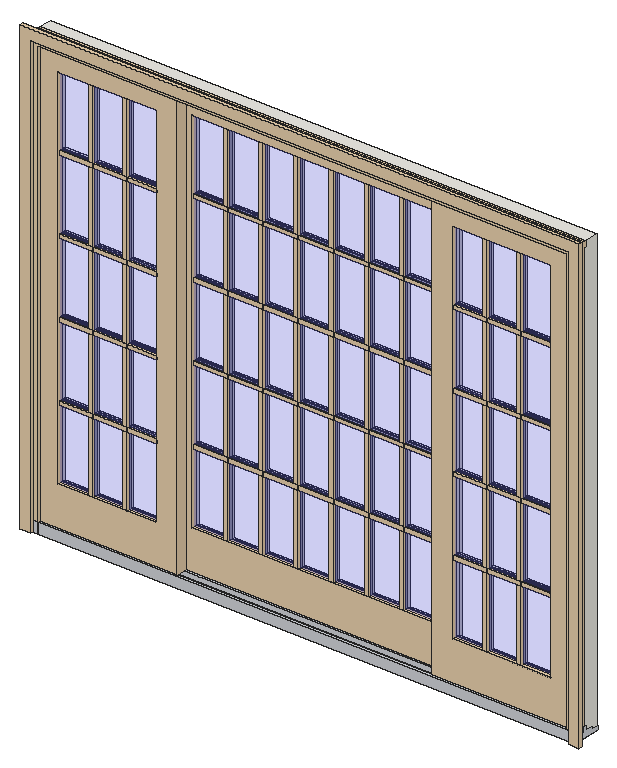
Revit family "Door-Gliding-Andersen-A_Series-Triple 3", category Doors, host Wall, Revit 2013 (continued)
Dimensions and locks (in)
  equal spacing: plane 49 "R Glazing1", nested 5, plane 63 "R Glazing2"
  "VGB DLO for Triple": plane 61 "R Glazing3" to nested 8
  plane 62 "L Glazing3" to plane 61 "R Glazing3" = 4' - 4"
  locked: plane 72 "R Slide Arrow" to plane 48 "L Glazing1" at 8
  locked: plane 49 "R Glazing1" to plane 71 "L Slide Arrow" at 8
  equal spacing: group 35, group 37, group 36, group 34  (x2)
  equal spacing: group 34, group 36, group 37, group 35
  "TS HGB DLO": plane 70 "Vertical Bar Length" to nested 24
  locked: Extrusion 23 sketch curve to plane 57 "T Stop" at 0.125
  locked: plane 50 "Panel2 S1" to Extrusion 23 sketch curve at 0.125
  aligned and locked: plane 6 "Wall S1" to host wall
  aligned and locked: plane 7 "Wall S2" to host wall
  aligned and locked: plane 5 "T Frame" to Extrusion 1 sketch curve
  aligned and locked: plane 4 "L Frame" to Extrusion 1 sketch curve
  aligned and locked: Extrusion 1 sketch curve to plane 3 "R Frame"
  aligned and locked: level to Extrusion 1 sketch curve
  aligned and locked: host wall to Extrusion 1
  aligned and locked: plane 10 "Flange" to Extrusion 1
  aligned and locked: level to Extrusion 2 sketch curve
  aligned and locked: level to Sweep 3 sketch curve  (x2)
  aligned and locked: plane 22 "L Casing 4" to Sweep 3 sketch curve  (x2)
  aligned and locked: plane 31 "T Casing 4" to Sweep 3 sketch curve
  aligned and locked: Sweep 3 sketch curve to plane 19 "R Casing 4"
  aligned and locked: plane 23 "L Casing 3" to Sweep 3 sketch curve
  aligned and locked: plane 12 "Casing S2" to Sweep 3 sketch curve
  aligned and locked: plane 24 "L Casing 2" to Sweep 3 sketch curve
  aligned and locked: Sweep 3 sketch curve to plane 13 "Casing S1"
  aligned and locked: plane 10 "Flange" to Sweep 3 sketch curve
  aligned and locked: Sweep 3 sketch curve to plane 25 "L Casing 1"
  aligned and locked: Sweep 3 sketch curve to plane 12 "Casing S2"
  aligned and locked: level to Extrusion 4 sketch curve  (x2)
  aligned and locked: plane 22 "L Casing 4" to Extrusion 4 sketch curve
  aligned and locked: Extrusion 4 sketch curve to plane 25 "L Casing 1"
  aligned and locked: plane 31 "T Casing 4" to Extrusion 4 sketch curve
  aligned and locked: Extrusion 4 sketch curve to plane 28 "T Casing 1"
  aligned and locked: Extrusion 4 sketch curve to plane 19 "R Casing 4"
  aligned and locked: plane 16 "R Casing 1" to Extrusion 4 sketch curve
  aligned and locked: Extrusion 4 to plane 10 "Flange"
  aligned and locked: plane 12 "Casing S2" to Sweep 3
  aligned and locked: plane 28 "T Casing 1" to curve 3
  aligned and locked: plane 5 "T Frame" to Masking region 1 sketch curve
  aligned and locked: Masking region 1 sketch curve to plane 10 "Flange"
  aligned and locked: Masking region 1 sketch curve to plane 31 "T Casing 4"
  aligned and locked: plane 13 "Casing S1" to Masking region 1 sketch curve
  aligned and locked: Masking region 1 sketch curve to plane 11 "Frame S1"
  aligned and locked: plane 11 "Frame S1" to curve 4
  aligned and locked: Masking region 2 sketch curve to plane 3 "R Frame"
  aligned and locked: plane 4 "L Frame" to Masking region 2 sketch curve
  aligned and locked: plane 5 "T Frame" to Masking region 3 sketch curve
  aligned and locked: plane 9 "Frame S2" to Masking region 3 sketch curve
  aligned and locked: Masking region 3 sketch curve to plane 11 "Frame S1"
  aligned and locked: level to Masking region 3 sketch curve
  aligned and locked: plane 13 "Casing S1" to Masking region 4 sketch curve
  aligned and locked: plane 18 "R Casing 3" to Masking region 4 sketch curve
  aligned and locked: Masking region 4 sketch curve to plane 19 "R Casing 4"
  aligned and locked: plane 16 "R Casing 1" to Masking region 4 sketch curve
  aligned and locked: plane 11 "Frame S1" to Masking region 4 sketch curve
  aligned and locked: plane 3 "R Frame" to Masking region 4 sketch curve
  aligned and locked: Masking region 4 sketch curve to plane 12 "Casing S2"
  aligned and locked: plane 17 "R Casing 2" to Masking region 4 sketch curve
  aligned and locked: Masking region 4 sketch curve to plane 13 "Casing S1"
  aligned and locked: plane 24 "L Casing 2" to Masking region 5 sketch curve
  aligned and locked: plane 13 "Casing S1" to Masking region 5 sketch curve  (x2)
  aligned and locked: Masking region 5 sketch curve to plane 22 "L Casing 4"
  aligned and locked: plane 4 "L Frame" to Masking region 5 sketch curve
  aligned and locked: Masking region 5 sketch curve to plane 11 "Frame S1"
  aligned and locked: plane 25 "L Casing 1" to Masking region 5 sketch curve
  aligned and locked: plane 12 "Casing S2" to Masking region 5 sketch curve
  aligned and locked: plane 23 "L Casing 3" to Masking region 5 sketch curve
  aligned and locked: Masking region 6 sketch curve to plane 13 "Casing S1"
  aligned and locked: Masking region 6 sketch curve to plane 19 "R Casing 4"
  aligned and locked: plane 10 "Flange" to Masking region 6 sketch curve
  aligned and locked: plane 3 "R Frame" to Masking region 6 sketch curve
  aligned and locked: Masking region 7 sketch curve to plane 13 "Casing S1"
  aligned and locked: Masking region 7 sketch curve to plane 4 "L Frame"
  aligned and locked: plane 10 "Flange" to Masking region 7 sketch curve
  aligned and locked: plane 22 "L Casing 4" to Masking region 7 sketch curve
  aligned and locked: curve 4 to plane 5 "T Frame"
  aligned and locked: level to Extrusion 5 sketch curve  (x2)
  aligned and locked: Extrusion 5 sketch curve to plane 33 "R Int Casing"
  aligned and locked: plane 35 "R Xjamb 1" to Extrusion 5 sketch curve
  aligned and locked: plane 39 "T Int Casing" to Extrusion 5 sketch curve
  aligned and locked: Extrusion 5 sketch curve to plane 41 "T Xjamb 1"
  aligned and locked: plane 36 "L Int Casing" to Extrusion 5 sketch curve
  aligned and locked: Extrusion 5 sketch curve to plane 38 "L Xjamb 1"
  aligned and locked: Extrusion 5 to host wall
  aligned and locked: Extrusion 5 to plane 8 "Interior Casing"
  aligned and locked: level to Extrusion 6 sketch curve  (x2)
  aligned and locked: plane 35 "R Xjamb 1" to Extrusion 6 sketch curve
  aligned and locked: Extrusion 6 sketch curve to plane 34 "R Xjamb 2"
  aligned and locked: Extrusion 6 sketch curve to plane 41 "T Xjamb 1"
  aligned and locked: plane 40 "T Xjamb 2" to Extrusion 6 sketch curve
  aligned and locked: Extrusion 6 sketch curve to plane 38 "L Xjamb 1"
  aligned and locked: plane 37 "L Xjamb 2" to Extrusion 6 sketch curve
  aligned and locked: plane 52 "Xjamb S1" to Extrusion 6
  aligned and locked: host wall to Extrusion 6
  aligned and locked: plane 10 "Flange" to Masking region 4 sketch curve
  aligned and locked: Masking region 5 sketch curve to plane 10 "Flange"
  aligned and locked: plane 4 "L Frame" to Sweep 7 sketch curve
  aligned and locked: plane 3 "R Frame" to Sweep 7 sketch curve
  aligned and locked: Sweep 7 sketch curve to level
  aligned and locked: Masking region 8 sketch curve to plane 19 "R Casing 4"
  aligned and locked: plane 22 "L Casing 4" to Masking region 8 sketch curve
  aligned and locked: level to Masking region 8 sketch curve  (x2)
  aligned and locked: level to Masking region 9 sketch curve  (x2)
  aligned and locked: plane 36 "L Int Casing" to Masking region 9 sketch curve
  aligned and locked: Masking region 9 sketch curve to plane 33 "R Int Casing"
  aligned and locked: plane 39 "T Int Casing" to Masking region 9 sketch curve
  aligned and locked: plane 31 "T Casing 4" to Masking region 8 sketch curve
  aligned and locked: plane 12 "Casing S2" to curve 2
  aligned and locked: Sweep 3 to plane 10 "Flange"
  aligned and locked: plane 5 "T Frame" to curve 6
  aligned and locked: Masking region 9 sketch curve to plane 38 "L Xjamb 1"
  aligned and locked: plane 35 "R Xjamb 1" to Masking region 9 sketch curve
  aligned and locked: Masking region 9 sketch curve to plane 41 "T Xjamb 1"
  aligned and locked: plane 4 "L Frame" to Masking region 10 sketch curve
  aligned and locked: plane 5 "T Frame" to Masking region 10 sketch curve
  aligned and locked: Masking region 10 sketch curve to plane 3 "R Frame"
  aligned and locked: level to Masking region 10 sketch curve
  aligned and locked: Masking region 10 sketch curve to plane 45 "B Panel"
  aligned and locked: plane 55 "L Int Stop" to Masking region 10 sketch curve
  aligned and locked: Masking region 10 sketch curve to plane 56 "R Int Stop"
  aligned and locked: plane 57 "T Stop" to Masking region 10 sketch curve
  aligned and locked: Masking region 11 sketch curve to plane 45 "B Panel"  (x2)
  aligned and locked: plane 44 "T Panel" to Masking region 11 sketch curve  (x2)
  aligned and locked: plane 60 "Panel1 S2" to curve 15
  aligned and locked: curve 14 to plane 45 "B Panel"
  aligned and locked: curve 13 to plane 59 "Panel1 S1"
  aligned and locked: plane 44 "T Panel" to curve 12
  aligned and locked: curve 17 to plane 50 "Panel2 S1"
  aligned and locked: curve 18 to plane 45 "B Panel"
  aligned and locked: plane 51 "Panel2 S2" to curve 19
  aligned and locked: plane 44 "T Panel" to curve 16
  aligned and locked: Masking region 12 sketch curve to plane 33 "R Int Casing"
  aligned and locked: host wall to Masking region 12 sketch curve
  aligned and locked: plane 35 "R Xjamb 1" to Masking region 12 sketch curve
  aligned and locked: plane 8 "Interior Casing" to Masking region 12 sketch curve
  aligned and locked: Masking region 13 sketch curve to plane 52 "Xjamb S1"
  aligned and locked: Masking region 13 sketch curve to host wall
  aligned and locked: Masking region 13 sketch curve to plane 34 "R Xjamb 2"
  aligned and locked: plane 35 "R Xjamb 1" to Masking region 13 sketch curve
  aligned and locked: host wall to Masking region 14 sketch curve
  aligned and locked: plane 36 "L Int Casing" to Masking region 14 sketch curve
  aligned and locked: plane 8 "Interior Casing" to Masking region 14 sketch curve
  aligned and locked: Masking region 14 sketch curve to plane 38 "L Xjamb 1"
  aligned and locked: Masking region 15 sketch curve to plane 38 "L Xjamb 1"
  aligned and locked: Masking region 15 sketch curve to host wall
  aligned and locked: plane 37 "L Xjamb 2" to Masking region 15 sketch curve
  aligned and locked: Masking region 15 sketch curve to plane 52 "Xjamb S1"
  aligned and locked: plane 7 "Wall S2" to Masking region 16 sketch curve
  aligned and locked: level to Masking region 16 sketch curve
  aligned and locked: plane 8 "Interior Casing" to Masking region 16 sketch curve
  aligned and locked: plane 39 "T Int Casing" to Masking region 16 sketch curve
  aligned and locked: plane 8 "Interior Casing" to curve 34
  aligned and locked: plane 41 "T Xjamb 1" to curve 34
  aligned and locked: Masking region 17 sketch curve to plane 52 "Xjamb S1"
  aligned and locked: level to Masking region 17 sketch curve
  aligned and locked: Masking region 17 sketch curve to host wall
  aligned and locked: plane 40 "T Xjamb 2" to Masking region 17 sketch curve
  aligned and locked: plane 52 "Xjamb S1" to curve 35
  aligned and locked: host wall to curve 35
  aligned and locked: plane 41 "T Xjamb 1" to curve 35
  aligned and locked: plane 42 "L Panel1" to curve 5
  aligned and locked: curve 36 to plane 69 "Panel Elevation Center"
  aligned and locked: plane 71 "L Slide Arrow" to curve 38
  aligned and locked: plane 69 "Panel Elevation Center" to curve 113
  aligned and locked: curve 115 to plane 72 "R Slide Arrow"
  aligned and locked: plane 30 "T Casing 3" to curve 1
  aligned and locked: plane 13 "Casing S1" to curve 1
  aligned and locked: plane 13 "Casing S1" to curve 4
  aligned and locked: plane 13 "Casing S1" to curve 116
  aligned and locked: plane 10 "Flange" to curve 116
  aligned and locked: plane 31 "T Casing 4" to curve 116
  aligned and locked: plane 9 "Frame S2" to curve 117
  aligned and locked: plane 4 "L Frame" to Masking region 8 sketch curve
  aligned and locked: plane 5 "T Frame" to Masking region 8 sketch curve
  aligned and locked: Masking region 8 sketch curve to plane 3 "R Frame"
  aligned and locked: plane 9 "Frame S2" to Masking region 2 sketch curve
  aligned and locked: plane 4 "L Frame" to Extrusion 8 sketch curve
  aligned and locked: plane 9 "Frame S2" to Extrusion 8 sketch curve  (x2)
  aligned and locked: Extrusion 8 sketch curve to plane 3 "R Frame"
  aligned and locked: Extrusion 8 to plane 5 "T Frame"
  aligned and locked: Extrusion 8 to level
  aligned and locked: plane 63 "R Glazing2" to curve 158
  aligned and locked: plane 48 "L Glazing1" to curve 11
  aligned and locked: plane 48 "L Glazing1" to curve 9
  aligned and locked: plane 48 "L Glazing1" to curve 8
  aligned and locked: plane 48 "L Glazing1" to curve 10
  aligned and locked: plane 64 "L Glazing2" to curve 11
  aligned and locked: plane 64 "L Glazing2" to curve 9
  aligned and locked: plane 64 "L Glazing2" to curve 8
  aligned and locked: plane 64 "L Glazing2" to curve 10
  aligned and locked: plane 61 "R Glazing3" to curve 82
  aligned and locked: plane 61 "R Glazing3" to curve 84
  aligned and locked: plane 61 "R Glazing3" to curve 83
  aligned and locked: plane 61 "R Glazing3" to curve 81
  aligned and locked: plane 63 "R Glazing2" to curve 98
  aligned and locked: plane 63 "R Glazing2" to curve 100
  aligned and locked: plane 63 "R Glazing2" to curve 99
  aligned and locked: plane 63 "R Glazing2" to curve 97
  aligned and locked: plane 49 "R Glazing1" to curve 98
  aligned and locked: plane 49 "R Glazing1" to curve 100
  aligned and locked: plane 49 "R Glazing1" to curve 99
  aligned and locked: plane 49 "R Glazing1" to curve 97
  aligned and locked: plane 44 "T Panel" to Extrusion 9 sketch curve
  aligned and locked: Extrusion 9 sketch curve to plane 45 "B Panel"
  aligned and locked: plane 47 "T Glazing" to Extrusion 9 sketch curve
  aligned and locked: Extrusion 9 to plane 60 "Panel1 S2"
  aligned and locked: plane 68 "Panel 1 Glazing 1" to Extrusion 9
  aligned and locked: plane 44 "T Panel" to Extrusion 10 sketch curve
  aligned and locked: Extrusion 10 sketch curve to plane 45 "B Panel"
  aligned and locked: plane 47 "T Glazing" to Extrusion 10 sketch curve
  aligned and locked: Extrusion 10 to plane 68 "Panel 1 Glazing 1"
  aligned and locked: plane 59 "Panel1 S1" to Extrusion 10
  aligned and locked: Extrusion 10 sketch curve to plane 46 "B Glazing"
  aligned and locked: Extrusion 9 sketch curve to plane 46 "B Glazing"
  aligned and locked: plane 44 "T Panel" to Extrusion 11 sketch curve  (x2)
  aligned and locked: Extrusion 11 sketch curve to plane 45 "B Panel"  (x2)
  aligned and locked: Extrusion 11 sketch curve to plane 46 "B Glazing"  (x2)
  aligned and locked: plane 47 "T Glazing" to Extrusion 11 sketch curve  (x2)
  aligned and locked: Extrusion 11 to plane 51 "Panel2 S2"
  aligned and locked: plane 66 "Panel2 Glazing 1" to Extrusion 11
  aligned and locked: Extrusion 12 sketch curve to plane 45 "B Panel"  (x2)
  aligned and locked: plane 44 "T Panel" to Extrusion 12 sketch curve  (x2)
  aligned and locked: plane 47 "T Glazing" to Extrusion 12 sketch curve  (x2)
  aligned and locked: Extrusion 12 sketch curve to plane 46 "B Glazing"  (x2)
  aligned and locked: Extrusion 12 to plane 66 "Panel2 Glazing 1"
  aligned and locked: plane 50 "Panel2 S1" to Extrusion 12
  aligned and locked: plane 47 "T Glazing" to Extrusion 13 sketch curve  (x2)
  aligned and locked: Extrusion 13 sketch curve to plane 46 "B Glazing"  (x2)
  aligned and locked: Extrusion 13 to plane 65 "Panel2 Glazing 4"
  aligned and locked: plane 66 "Panel2 Glazing 1" to Extrusion 13
  aligned and locked: Extrusion 14 sketch curve to plane 46 "B Glazing"
  aligned and locked: plane 47 "T Glazing" to Extrusion 14 sketch curve
  aligned and locked: Extrusion 14 to plane 67 "Panel1 Glazing 4"
  aligned and locked: plane 68 "Panel 1 Glazing 1" to Extrusion 14
  aligned and locked: curve 162 to plane 46 "B Glazing"
  aligned and locked: plane 47 "T Glazing" to curve 160
  aligned and locked: plane 47 "T Glazing" to curve 164
  aligned and locked: curve 166 to plane 46 "B Glazing"
  aligned and locked: curve 170 to plane 46 "B Glazing"
  aligned and locked: plane 47 "T Glazing" to curve 168
  aligned and locked: plane 44 "T Panel" to Masking region 18 sketch curve
  aligned and locked: Masking region 18 sketch curve to plane 45 "B Panel"
  aligned and locked: nested 1 to plane 47 "T Glazing"
  aligned and locked: nested 3 to plane 47 "T Glazing"
  aligned and locked: nested 6 to plane 47 "T Glazing"
  aligned and locked: nested 4 to plane 47 "T Glazing"
  aligned and locked: nested 5 to plane 47 "T Glazing"
  aligned and locked: nested 7 to plane 47 "T Glazing"
  aligned and locked: nested 2 to plane 47 "T Glazing"
  aligned and locked: nested 8 to plane 47 "T Glazing"
  aligned and locked: plane 5 "T Frame" to curve 179
  aligned and locked: plane 10 "Flange" to curve 179
  aligned and locked: plane 47 "T Glazing" to curve 41
  aligned and locked: curve 24 to plane 68 "Panel 1 Glazing 1"
  aligned and locked: plane 47 "T Glazing" to curve 56
  aligned and locked: curve 51 to plane 66 "Panel2 Glazing 1"
  aligned and locked: plane 70 "Vertical Bar Length" to curve 50
  aligned and locked: plane 68 "Panel 1 Glazing 1" to curve 45
  aligned and locked: plane 70 "Vertical Bar Length" to curve 62
  aligned and locked: plane 66 "Panel2 Glazing 1" to curve 57
  aligned and locked: plane 47 "T Glazing" to curve 20
  aligned and locked: plane 47 "T Glazing" to curve 30
  aligned and locked: plane 47 "T Glazing" to curve 31
  aligned and locked: plane 47 "T Glazing" to curve 21
  aligned and locked: plane 70 "Vertical Bar Length" to curve 20
  aligned and locked: plane 70 "Vertical Bar Length" to curve 30
  aligned and locked: plane 70 "Vertical Bar Length" to curve 31
  aligned and locked: plane 70 "Vertical Bar Length" to curve 21
  aligned and locked: plane 47 "T Glazing" to curve 22
  aligned and locked: plane 47 "T Glazing" to curve 32
  aligned and locked: plane 47 "T Glazing" to curve 33
  aligned and locked: plane 47 "T Glazing" to curve 23
  aligned and locked: plane 70 "Vertical Bar Length" to curve 22
  aligned and locked: plane 70 "Vertical Bar Length" to curve 32
  aligned and locked: plane 70 "Vertical Bar Length" to curve 33
  aligned and locked: plane 70 "Vertical Bar Length" to curve 23
  aligned and locked: curve 20 to plane 68 "Panel 1 Glazing 1"
  aligned and locked: curve 30 to plane 73 "Panel1 Glazing2"
  aligned and locked: plane 67 "Panel1 Glazing 4" to curve 21
  aligned and locked: plane 76 "Panel1 Glazing3" to curve 31
  aligned and locked: plane 65 "Panel2 Glazing 4" to curve 23
  aligned and locked: plane 75 "Panel2 Glazing3" to curve 33
  aligned and locked: curve 22 to plane 66 "Panel2 Glazing 1"
  aligned and locked: curve 32 to plane 74 "Panel2 Glazing 2"
  aligned and locked: level to curve 212
  aligned and locked: plane 9 "Frame S2" to curve 212
  aligned and locked: plane 9 "Frame S2" to Sweep 7 sketch curve
  aligned and locked: Sweep 7 sketch curve to plane 51 "Panel2 S2"
  aligned and locked: Sweep 7 sketch curve to plane 50 "Panel2 S1"
  aligned and locked: Sweep 7 sketch curve to plane 60 "Panel1 S2"
  aligned and locked: curve 209 to Sweep 7 sketch curve
  aligned and locked: Sweep 7 sketch curve to plane 59 "Panel1 S1"
  aligned and locked: Sweep 7 sketch curve to curve 202
  aligned and locked: Sweep 7 sketch curve to curve 203
  aligned and locked: curve 213 to Sweep 7 sketch curve
  aligned and locked: Masking region 3 sketch curve to Sweep 7
  aligned and locked: Sweep 7 to Masking region 3 sketch curve
  aligned and locked: Extrusion 15 sketch curve to plane 59 "Panel1 S1"
  aligned and locked: plane 45 "B Panel" to Extrusion 15 sketch curve
  aligned and locked: plane 60 "Panel1 S2" to Extrusion 15 sketch curve
  aligned and locked: Extrusion 15 sketch curve to Sweep 7
  aligned and locked: Extrusion 16 sketch curve to plane 57 "T Stop"
  aligned and locked: plane 9 "Frame S2" to Extrusion 16 sketch curve
  aligned and locked: plane 5 "T Frame" to Extrusion 16 sketch curve
  aligned and locked: Extrusion 16 sketch curve to plane 51 "Panel2 S2"
  aligned and locked: Extrusion 16 sketch curve to plane 44 "T Panel"
  aligned and locked: Extrusion 16 to plane 4 "L Frame"
  aligned and locked: plane 3 "R Frame" to Extrusion 16
  aligned and locked: level to Sweep 17 sketch curve  (x2)
  aligned and locked: plane 4 "L Frame" to Sweep 17 sketch curve
  aligned and locked: plane 5 "T Frame" to Sweep 17 sketch curve
  aligned and locked: Sweep 17 sketch curve to plane 3 "R Frame"
  aligned and locked: Sweep 17 sketch curve to plane 4 "L Frame"
  aligned and locked: plane 11 "Frame S1" to Sweep 17 sketch curve
  aligned and locked: plane 38 "L Xjamb 1" to Sweep 17 sketch curve
  aligned and locked: Sweep 17 sketch curve to plane 59 "Panel1 S1"
  aligned and locked: plane 78 "L Ext Stop" to Sweep 17 sketch curve
  aligned and locked: plane 42 "L Panel1" to Sweep 17 sketch curve
  aligned and locked: plane 13 "Casing S1" to Extrusion 4
  aligned and locked: Masking region 1 sketch curve to level
  aligned and locked: plane 4 "L Frame" to Extrusion 18 sketch curve
  aligned and locked: plane 45 "B Panel" to Extrusion 18 sketch curve
  aligned and locked: level to Extrusion 18 sketch curve
  aligned and locked: Extrusion 18 sketch curve to plane 3 "R Frame"
  aligned and locked: Extrusion 18 to plane 9 "Frame S2"
  aligned and locked: plane 11 "Frame S1" to Extrusion 18
  aligned and locked: Extrusion 19 sketch curve to plane 42 "L Panel1"
  aligned and locked: level to Extrusion 19 sketch curve  (x2)
  aligned and locked: plane 4 "L Frame" to Extrusion 19 sketch curve
  aligned and locked: Extrusion 19 sketch curve to plane 44 "T Panel"
  aligned and locked: plane 5 "T Frame" to Extrusion 19 sketch curve
  aligned and locked: plane 43 "R Panel1" to Extrusion 19 sketch curve
  aligned and locked: Extrusion 19 sketch curve to plane 3 "R Frame"
  aligned and locked: Extrusion 19 to plane 9 "Frame S2"
  aligned and locked: plane 60 "Panel1 S2" to Extrusion 19
  aligned and locked: plane 42 "L Panel1" to Extrusion 20 sketch curve
  aligned and locked: Extrusion 20 sketch curve to level  (x2)
  aligned and locked: Extrusion 20 sketch curve to plane 4 "L Frame"
  aligned and locked: plane 44 "T Panel" to Extrusion 20 sketch curve
  aligned and locked: Extrusion 20 sketch curve to plane 5 "T Frame"
  aligned and locked: Extrusion 20 sketch curve to plane 43 "R Panel1"
  aligned and locked: plane 3 "R Frame" to Extrusion 20 sketch curve
  aligned and locked: Extrusion 20 to plane 60 "Panel1 S2"
  aligned and locked: plane 11 "Frame S1" to Extrusion 20
  aligned and locked: plane 55 "L Int Stop" to Masking region 19 sketch curve
  aligned and locked: Masking region 19 sketch curve to level  (x2)
  aligned and locked: Masking region 19 sketch curve to plane 4 "L Frame"
  aligned and locked: plane 57 "T Stop" to Masking region 19 sketch curve
  aligned and locked: Masking region 19 sketch curve to plane 5 "T Frame"
  aligned and locked: Masking region 19 sketch curve to plane 56 "R Int Stop"
  aligned and locked: plane 3 "R Frame" to Masking region 19 sketch curve
  aligned and locked: Masking region 11 sketch curve to plane 42 "L Panel1"
  aligned and locked: plane 84 "L Panel3" to Masking region 11 sketch curve
  aligned and locked: plane 42 "L Panel1" to Extrusion 12 sketch curve
  aligned and locked: plane 48 "L Glazing1" to Extrusion 12 sketch curve
  aligned and locked: plane 64 "L Glazing2" to Extrusion 12 sketch curve
  aligned and locked: Extrusion 12 sketch curve to plane 88
  aligned and locked: plane 48 "L Glazing1" to curve 161
  aligned and locked: plane 64 "L Glazing2" to curve 163
  aligned and locked: plane 48 "L Glazing1" to Extrusion 13 sketch curve
  aligned and locked: plane 64 "L Glazing2" to Extrusion 13 sketch curve
  aligned and locked: plane 42 "L Panel1" to Extrusion 11 sketch curve
  aligned and locked: plane 48 "L Glazing1" to Extrusion 11 sketch curve
  aligned and locked: plane 64 "L Glazing2" to Extrusion 11 sketch curve
  aligned and locked: plane 88 to Extrusion 11 sketch curve
  aligned and locked: nested 12 to plane 48 "L Glazing1"
  aligned and locked: nested 15 to plane 48 "L Glazing1"
  aligned and locked: nested 18 to plane 48 "L Glazing1"
  aligned and locked: nested 9 to plane 48 "L Glazing1"
  aligned and locked: plane 85 "L Panel2" to Masking region 18 sketch curve
  aligned and locked: curve 169 to plane 62 "L Glazing3"
  aligned and locked: plane 89 to Extrusion 10 sketch curve
  aligned and locked: Extrusion 10 sketch curve to plane 62 "L Glazing3"
  aligned and locked: Extrusion 14 sketch curve to plane 62 "L Glazing3"
  aligned and locked: plane 89 to Extrusion 9 sketch curve
  aligned and locked: Extrusion 9 sketch curve to plane 62 "L Glazing3"
  aligned and locked: plane 62 "L Glazing3" to nested 17
  aligned and locked: plane 62 "L Glazing3" to nested 10
  aligned and locked: Extrusion 15 to plane 85 "L Panel2"
  aligned and locked: Extrusion 12 sketch curve to plane 43 "R Panel1"
  aligned and locked: Extrusion 12 sketch curve to plane 49 "R Glazing1"
  aligned and locked: plane 63 "R Glazing2" to Extrusion 12 sketch curve
  aligned and locked: plane 87 to Extrusion 12 sketch curve
  aligned and locked: curve 167 to plane 49 "R Glazing1"
  aligned and locked: plane 63 "R Glazing2" to curve 165
  aligned and locked: Extrusion 11 sketch curve to plane 43 "R Panel1"
  aligned and locked: Extrusion 11 sketch curve to plane 49 "R Glazing1"
  aligned and locked: plane 63 "R Glazing2" to Extrusion 11 sketch curve
  aligned and locked: Extrusion 11 sketch curve to plane 87
  aligned and locked: Extrusion 13 sketch curve to plane 49 "R Glazing1"
  aligned and locked: plane 63 "R Glazing2" to Extrusion 13 sketch curve
  aligned and locked: nested 13 to plane 63 "R Glazing2"
  aligned and locked: nested 16 to plane 63 "R Glazing2"
  aligned and locked: nested 19 to plane 63 "R Glazing2"
  aligned and locked: nested 14 to plane 63 "R Glazing2"
  aligned and locked: Masking region 18 sketch curve to plane 86
  aligned and locked: Extrusion 10 sketch curve to plane 86
  aligned and locked: Extrusion 10 sketch curve to plane 61 "R Glazing3"
  aligned and locked: Extrusion 9 sketch curve to plane 86
  aligned and locked: Extrusion 9 sketch curve to plane 61 "R Glazing3"
  aligned and locked: curve 171 to plane 61 "R Glazing3"
  aligned and locked: Extrusion 14 sketch curve to plane 61 "R Glazing3"
  aligned and locked: plane 88 to Extrusion 21 sketch curve
  aligned and locked: Extrusion 21 sketch curve to plane 84 "L Panel3"
  aligned and locked: plane 44 "T Panel" to Extrusion 21 sketch curve  (x2)
  aligned and locked: Extrusion 21 sketch curve to plane 45 "B Panel"  (x2)
  aligned and locked: plane 83 "R Panel3" to Extrusion 21 sketch curve
  aligned and locked: Extrusion 21 sketch curve to plane 87
  aligned and locked: Extrusion 21 to plane 51 "Panel2 S2"
  aligned and locked: plane 60 "Panel1 S2" to Extrusion 21
  aligned and locked: plane 44 "T Panel" to Extrusion 22 sketch curve  (x2)
  aligned and locked: Extrusion 22 sketch curve to plane 45 "B Panel"  (x2)
  aligned and locked: Extrusion 22 to plane 50 "Panel2 S1"
  aligned and locked: plane 59 "Panel1 S1" to Extrusion 22
  aligned and locked: plane 85 "L Panel2" to Extrusion 22 sketch curve
  aligned and locked: Extrusion 22 sketch curve to plane 89
  aligned and locked: Extrusion 22 sketch curve to plane 82 "R Panel2"
  aligned and locked: plane 86 to Extrusion 22 sketch curve
  aligned and locked: plane 82 "R Panel2" to Extrusion 15
  aligned and locked: plane 3 "R Frame" to curve 243
  aligned and locked: curve 243 to plane 10 "Flange"
  aligned and locked: plane 4 "L Frame" to curve 273
  aligned and locked: plane 10 "Flange" to curve 273
  aligned and locked: plane 65 "Panel2 Glazing 4" to curve 97
  aligned and locked: plane 75 "Panel2 Glazing3" to curve 99
  aligned and locked: curve 100 to plane 74 "Panel2 Glazing 2"
  aligned and locked: curve 98 to plane 66 "Panel2 Glazing 1"
  aligned and locked: curve 152 to plane 50 "Panel2 S1"
  aligned and locked: plane 43 "R Panel1" to curve 154
  aligned and locked: plane 43 "R Panel1" to curve 152
  aligned and locked: plane 51 "Panel2 S2" to curve 110
  aligned and locked: plane 49 "R Glazing1" to curve 130
  aligned and locked: plane 51 "Panel2 S2" to curve 104
  aligned and locked: plane 63 "R Glazing2" to curve 128
  aligned and locked: plane 51 "Panel2 S2" to curve 159
  aligned and locked: plane 50 "Panel2 S1" to curve 159
  aligned and locked: plane 49 "R Glazing1" to curve 159
  aligned and locked: curve 82 to plane 68 "Panel 1 Glazing 1"
  aligned and locked: curve 84 to plane 73 "Panel1 Glazing2"
  aligned and locked: plane 76 "Panel1 Glazing3" to curve 83
  aligned and locked: plane 67 "Panel1 Glazing 4" to curve 81
  aligned and locked: plane 60 "Panel1 S2" to curve 94
  aligned and locked: plane 61 "R Glazing3" to curve 126
  aligned and locked: plane 60 "Panel1 S2" to curve 88
  aligned and locked: curve 124 to plane 62 "L Glazing3"
  aligned and locked: plane 51 "Panel2 S2" to curve 78
  aligned and locked: curve 122 to plane 64 "L Glazing2"
  aligned and locked: plane 65 "Panel2 Glazing 4" to curve 10
  aligned and locked: plane 75 "Panel2 Glazing3" to curve 8
  aligned and locked: curve 9 to plane 74 "Panel2 Glazing 2"
  aligned and locked: curve 11 to plane 66 "Panel2 Glazing 1"
  aligned and locked: plane 50 "Panel2 S1" to curve 146
  aligned and locked: plane 51 "Panel2 S2" to curve 155
  aligned and locked: curve 155 to plane 64 "L Glazing2"
  aligned and locked: plane 51 "Panel2 S2" to curve 66
  aligned and locked: plane 48 "L Glazing1" to curve 118
  aligned and locked: plane 42 "L Panel1" to curve 146
  aligned and locked: plane 42 "L Panel1" to curve 148
  aligned and locked: plane 85 "L Panel2" to curve 147
  aligned and locked: plane 51 "Panel2 S2" to curve 149
  aligned and locked: curve 149 to plane 84 "L Panel3"
  aligned and locked: plane 60 "Panel1 S2" to curve 157
  aligned and locked: plane 61 "R Glazing3" to curve 157
  aligned and locked: plane 51 "Panel2 S2" to curve 153
  aligned and locked: plane 59 "Panel1 S1" to curve 275
  aligned and locked: plane 82 "R Panel2" to curve 275
  aligned and locked: plane 50 "Panel2 S1" to curve 156
  aligned and locked: plane 48 "L Glazing1" to curve 156
  aligned and locked: plane 82 "R Panel2" to curve 151
  aligned and locked: plane 62 "L Glazing3" to curve 82
  aligned and locked: plane 62 "L Glazing3" to curve 84
  aligned and locked: plane 62 "L Glazing3" to curve 83
  aligned and locked: plane 85 "L Panel2" to curve 151
  aligned and locked: plane 84 "L Panel3" to curve 146
  aligned and locked: plane 62 "L Glazing3" to nested 11
  aligned and locked: plane 62 "L Glazing3" to nested 24
  aligned and locked: plane 60 "Panel1 S2" to curve 276
  aligned and locked: plane 59 "Panel1 S1" to curve 276
  aligned and locked: curve 276 to plane 62 "L Glazing3"
  aligned and locked: plane 62 "L Glazing3" to curve 81
  aligned and locked: plane 83 "R Panel3" to Masking region 11 sketch curve
  aligned and locked: Masking region 11 sketch curve to plane 43 "R Panel1"
  aligned and locked: plane 56 "R Int Stop" to Extrusion 8 sketch curve
  aligned and locked: Extrusion 8 sketch curve to plane 51 "Panel2 S2"  (x2)
  aligned and locked: plane 43 "R Panel1" to Extrusion 8 sketch curve
  aligned and locked: Extrusion 8 sketch curve to plane 55 "L Int Stop"
  aligned and locked: plane 42 "L Panel1" to Extrusion 8 sketch curve
  aligned and locked: Extrusion 8 sketch curve to plane 50 "Panel2 S1"  (x2)
  aligned and locked: Sweep 17 sketch curve to plane 50 "Panel2 S1"
  aligned and locked: Sweep 17 sketch curve to plane 55 "L Int Stop"
  aligned and locked: Sweep 17 sketch curve to plane 60 "Panel1 S2"
  aligned and locked: Extrusion 16 sketch curve to plane 60 "Panel1 S2"
  aligned and locked: plane 44 "T Panel" to Extrusion 23 sketch curve
  aligned and locked: Extrusion 23 sketch curve to plane 60 "Panel1 S2"
  aligned and locked: plane 83 "R Panel3" to Extrusion 23
  aligned and locked: Extrusion 23 to plane 84 "L Panel3"
Automatic sketch dimensions
  curve 5 to curve 5 = 0' - 5 7/8"
  curve 25 to curve 24 = 0' - 1.306"
  curve 24 to curve 24 = 0' - 0.88911"
  curve 25 to curve 26 = 0' - 0.53991"
  curve 26 to curve 24 = 0' - 0"
  curve 28 to curve 27 = 0' - 1.306"
  curve 27 to curve 27 = 0' - 0.88911"
  curve 28 to curve 29 = 0' - 0.53991"
  curve 29 to curve 27 = 0' - 0"
  curve 46 to curve 45 = 0' - 1.306"
  curve 45 to curve 45 = 0' - 0.88911"
  curve 46 to curve 47 = 0' - 0.53991"
  curve 47 to curve 45 = 0' - 0"
  curve 52 to curve 51 = 0' - 1.306"
  curve 51 to curve 51 = 0' - 0.88911"
  curve 52 to curve 53 = 0' - 0.53991"
  curve 53 to curve 51 = 0' - 0"
  curve 58 to curve 57 = 0' - 1.306"
  curve 57 to curve 57 = 0' - 0.88911"
  curve 58 to curve 59 = 0' - 0.53991"
  curve 59 to curve 57 = 0' - 0"
  curve 63 to curve 67 = 0' - 0"
  curve 66 to curve 66 = 0' - 0.37231"
  curve 64 to curve 64 = 0' - 0.88911"
  curve 132 to curve 64 = 0' - 0"
  curve 133 to curve 67 = 0' - 0"
  curve 133 to curve 68 = 0' - 0 1/8"
  curve 63 to curve 63 = 0' - 0.12569"
  curve 66 to curve 67 = 0' - 0.06028"
  curve 67 to curve 119 = 0' - 0.76609"
  curve 64 to curve 119 = 0' - 0.04371"
  curve 67 to curve 133 = 0' - 0 1/8"
  curve 132 to curve 64 = 0' - 0 1/8"
  curve 63 to curve 63 = 0' - 0.37029"
  curve 69 to curve 73 = 0' - 0"
  curve 72 to curve 72 = 0' - 0.37231"
  curve 70 to curve 70 = 0' - 0.88911"
  curve 134 to curve 70 = 0' - 0"
  curve 135 to curve 73 = 0' - 0"
  curve 135 to curve 74 = 0' - 0 1/8"
  curve 69 to curve 69 = 0' - 0.12569"
  curve 72 to curve 73 = 0' - 0.06028"
  curve 73 to curve 121 = 0' - 0.76609"
  curve 70 to curve 121 = 0' - 0.04371"
  curve 73 to curve 135 = 0' - 0 1/8"
  curve 134 to curve 70 = 0' - 0 1/8"
  curve 69 to curve 69 = 0' - 0.37029"
  curve 75 to curve 79 = 0' - 0"
  curve 78 to curve 78 = 0' - 0.37231"
  curve 76 to curve 76 = 0' - 0.88911"
  curve 136 to curve 76 = 0' - 0"
  curve 137 to curve 79 = 0' - 0"
  curve 137 to curve 80 = 0' - 0 1/8"
  curve 75 to curve 75 = 0' - 0.12569"
  curve 79 to curve 78 = 0' - 0.06028"
  curve 123 to curve 79 = 0' - 0.76609"
  curve 123 to curve 76 = 0' - 0.04371"
  curve 137 to curve 79 = 0' - 0 1/8"
  curve 76 to curve 136 = 0' - 0 1/8"
  curve 75 to curve 75 = 0' - 0.37029"
  curve 85 to curve 89 = 0' - 0"
  curve 88 to curve 88 = 0' - 0.37231"
  curve 86 to curve 86 = 0' - 0.88911"
  curve 138 to curve 86 = 0' - 0"
  curve 139 to curve 89 = 0' - 0"
  curve 139 to curve 90 = 0' - 0 1/8"
  curve 85 to curve 85 = 0' - 0.12569"
  curve 88 to curve 89 = 0' - 0.06028"
  curve 89 to curve 125 = 0' - 0.76609"
  curve 86 to curve 125 = 0' - 0.04371"
  curve 89 to curve 139 = 0' - 0 1/8"
  curve 138 to curve 86 = 0' - 0 1/8"
  curve 85 to curve 85 = 0' - 0.37029"
  curve 91 to curve 95 = 0' - 0"
  curve 94 to curve 94 = 0' - 0.37231"
  curve 92 to curve 92 = 0' - 0.88911"
  curve 140 to curve 92 = 0' - 0"
  curve 141 to curve 95 = 0' - 0"
  curve 141 to curve 96 = 0' - 0 1/8"
  curve 91 to curve 91 = 0' - 0.12569"
  curve 95 to curve 94 = 0' - 0.06028"
  curve 127 to curve 95 = 0' - 0.76609"
  curve 127 to curve 92 = 0' - 0.04371"
  curve 141 to curve 95 = 0' - 0 1/8"
  curve 92 to curve 140 = 0' - 0 1/8"
  curve 91 to curve 91 = 0' - 0.37029"
  curve 101 to curve 105 = 0' - 0"
  curve 104 to curve 104 = 0' - 0.37231"
  curve 102 to curve 102 = 0' - 0.88911"
  curve 142 to curve 102 = 0' - 0"
  curve 143 to curve 105 = 0' - 0"
  curve 143 to curve 106 = 0' - 0 1/8"
  curve 101 to curve 101 = 0' - 0.12569"
  curve 104 to curve 105 = 0' - 0.06028"
  curve 105 to curve 129 = 0' - 0.76609"
  curve 102 to curve 129 = 0' - 0.04371"
  curve 105 to curve 143 = 0' - 0 1/8"
  curve 142 to curve 102 = 0' - 0 1/8"
  curve 101 to curve 101 = 0' - 0.37029"
  curve 107 to curve 111 = 0' - 0"
  curve 110 to curve 110 = 0' - 0.37231"
  curve 108 to curve 108 = 0' - 0.88911"
  curve 144 to curve 108 = 0' - 0"
  curve 145 to curve 111 = 0' - 0"
  curve 145 to curve 112 = 0' - 0 1/8"
  curve 107 to curve 107 = 0' - 0.12569"
  curve 111 to curve 110 = 0' - 0.06028"
  curve 131 to curve 111 = 0' - 0.76609"
  curve 131 to curve 108 = 0' - 0.04371"
  curve 145 to curve 111 = 0' - 0 1/8"
  curve 108 to curve 144 = 0' - 0 1/8"
  curve 107 to curve 107 = 0' - 0.37029"
  curve 65 to curve 67 = 0' - 0.53991"
  curve 66 to curve 65 = 0' - 0"
  curve 71 to curve 73 = 0' - 0.53991"
  curve 72 to curve 71 = 0' - 0"
  curve 79 to curve 77 = 0' - 0.53991"
  curve 78 to curve 77 = 0' - 0"
  curve 87 to curve 89 = 0' - 0.53991"
  curve 88 to curve 87 = 0' - 0"
  curve 95 to curve 93 = 0' - 0.53991"
  curve 94 to curve 93 = 0' - 0"
  curve 103 to curve 105 = 0' - 0.53991"
  curve 104 to curve 103 = 0' - 0"
  curve 111 to curve 109 = 0' - 0.53991"
  curve 110 to curve 109 = 0' - 0"
  plane 69 "Panel Elevation Center" to curve 115 = 0' - 2.11046"
  curve 114 to plane 69 "Panel Elevation Center" = 0' - 2.11046"
  plane 69 "Panel Elevation Center" to curve 38 = 0' - 2.11046"
  curve 37 to plane 69 "Panel Elevation Center" = 0' - 2.11046"
  curve 176 to curve 176 = 0' - 0.675"
  curve 174 to curve 174 = 0' - 0.614"
  curve 173 to curve 179 = 0' - 1.5535"
  curve 179 to curve 173 = 0' - 0.1665"
  curve 178 to curve 178 = 0' - 0.09"
  curve 173 to curve 177 = 0' - 0.09"
  curve 172 to curve 180 = 0' - 0 107/128"
  curve 180 to curve 181 = 0' - 0.09682"
  curve 181 to curve 181 = 0' - 0.12326"
  curve 174 to curve 175 = 0' - 0.57231"
  curve 173 to curve 172 = 0' - 0.42169"
  curve 180 to curve 180 = 0' - 0.266"
  curve 172 to curve 179 = 0' - 0 3/4"
  curve 179 to curve 179 = 0' - 1 5/8"
  curve 186 to curve 186 = 0' - 0.675"
  curve 184 to curve 184 = 0' - 0.614"
  curve 183 to curve 189 = 0' - 1.5535"
  curve 189 to curve 183 = 0' - 0.1665"
  curve 188 to curve 188 = 0' - 0.09"
  curve 183 to curve 187 = 0' - 0.09"
  curve 182 to curve 190 = 0' - 0 107/128"
  curve 190 to curve 191 = 0' - 0.09682"
  curve 191 to curve 191 = 0' - 0.12326"
  curve 184 to curve 185 = 0' - 0.57231"
  curve 183 to curve 182 = 0' - 0.42169"
  curve 190 to curve 190 = 0' - 0.266"
  curve 182 to curve 189 = 0' - 0 3/4"
  curve 189 to curve 189 = 0' - 1 5/8"
  curve 173 to curve 174 = 0' - 0"
  curve 174 to curve 178 = 0' - 0.172"
  curve 174 to curve 173 = 0' - 0.57231"
  curve 175 to curve 175 = 0' - 1.72"
  curve 174 to curve 175 = 0' - 0"
  curve 176 to curve 175 = 0' - 0"
  curve 176 to curve 175 = 0' - 0.57231"
  curve 183 to curve 184 = 0' - 0"
  curve 184 to curve 188 = 0' - 0.172"
  curve 184 to curve 183 = 0' - 0.57231"
  curve 185 to curve 185 = 0' - 1.72"
  curve 184 to curve 185 = 0' - 0"
  curve 186 to curve 185 = 0' - 0"
  curve 186 to curve 185 = 0' - 0.57231"
  curve 39 to curve 39 = 0' - 0.53991"
  curve 39 to curve 40 = 0' - 0 1/8"  (x2)
  curve 193 to curve 192 = 0' - 0.51609"
  curve 40 to curve 41 = 0' - 0 1/8"
  curve 41 to curve 41 = 0' - 0 13/32"
  curve 39 to curve 41 = 0' - 0"
  curve 41 to curve 41 = 0' - 0 1/16"
  curve 192 to curve 40 = 0' - 0 1/8"
  curve 193 to curve 40 = 0' - 0 1/8"
  curve 39 to curve 39 = 0' - 0.26841"
  curve 192 to curve 192 = 0' - 0.88911"
  curve 193 to curve 192 = 0' - 0"
  curve 42 to curve 42 = 0' - 0.53991"
  curve 42 to curve 43 = 0' - 0 1/8"  (x2)
  curve 195 to curve 194 = 0' - 0.51609"
  curve 43 to curve 44 = 0' - 0 1/8"
  curve 44 to curve 44 = 0' - 0 13/32"
  curve 42 to curve 44 = 0' - 0"
  curve 44 to curve 44 = 0' - 0 1/16"
  curve 194 to curve 43 = 0' - 0 1/8"
  curve 195 to curve 43 = 0' - 0 1/8"
  curve 42 to curve 42 = 0' - 0.26841"
  curve 194 to curve 194 = 0' - 0.88911"
  curve 195 to curve 194 = 0' - 0"
  curve 48 to curve 48 = 0' - 0.53991"
  curve 48 to curve 49 = 0' - 0 1/8"
  curve 197 to curve 196 = 0' - 0.51609"
  curve 49 to curve 50 = 0' - 0 1/8"
  curve 50 to curve 50 = 0' - 0 13/32"
  curve 48 to curve 50 = 0' - 0"
  curve 50 to curve 50 = 0' - 0 1/16"
  curve 49 to curve 48 = 0' - 0 1/8"
  curve 49 to curve 196 = 0' - 0 1/8"
  curve 49 to curve 197 = 0' - 0 1/8"
  curve 48 to curve 48 = 0' - 0.26841"
  curve 196 to curve 196 = 0' - 0.88911"
  curve 197 to curve 196 = 0' - 0"
  curve 54 to curve 54 = 0' - 0.53991"
  curve 54 to curve 55 = 0' - 0 1/8"  (x2)
  curve 199 to curve 198 = 0' - 0.51609"
  curve 55 to curve 56 = 0' - 0 1/8"
  curve 56 to curve 56 = 0' - 0 13/32"
  curve 54 to curve 56 = 0' - 0"
  curve 56 to curve 56 = 0' - 0 1/16"
  curve 198 to curve 55 = 0' - 0 1/8"
  curve 199 to curve 55 = 0' - 0 1/8"
  curve 54 to curve 54 = 0' - 0.26841"
  curve 198 to curve 198 = 0' - 0.88911"
  curve 199 to curve 198 = 0' - 0"
  curve 60 to curve 60 = 0' - 0.53991"
  curve 60 to curve 61 = 0' - 0 1/8"
  curve 201 to curve 200 = 0' - 0.51609"
  curve 61 to curve 62 = 0' - 0 1/8"
  curve 62 to curve 62 = 0' - 0 13/32"
  curve 60 to curve 62 = 0' - 0"
  curve 62 to curve 62 = 0' - 0 1/16"
  curve 61 to curve 60 = 0' - 0 1/8"
  curve 61 to curve 200 = 0' - 0 1/8"
  curve 61 to curve 201 = 0' - 0 1/8"
  curve 60 to curve 60 = 0' - 0.26841"
  curve 200 to curve 200 = 0' - 0.88911"
  curve 201 to curve 200 = 0' - 0"
  curve 211 to curve 212 = 0' - 0"
  curve 211 to curve 208 = 0' - 0.5255"
  curve 214 to curve 208 = 0' - 0"
  curve 211 to curve 214 = 0' - 0"
  curve 207 to curve 208 = 0' - 0"
  curve 209 to curve 208 = 0' - 0"
  curve 208 to curve 206 = 0' - 2.075"
  curve 215 to curve 206 = 0' - 0"  (x2)
  curve 209 to curve 206 = 0' - 0"  (x2)
  curve 207 to curve 206 = 0' - 0"
  curve 206 to curve 210 = 0' - 0.28"
  curve 205 to curve 210 = 0' - 0"
  curve 213 to curve 210 = 0' - 0"
  curve 215 to curve 210 = 0' - 0"  (x2)
  curve 205 to curve 204 = 0' - 1.9385"
  curve 213 to curve 204 = 0' - 0"
  curve 203 to curve 204 = 0' - 0"  (x2)
  curve 205 to curve 204 = 0' - 0"
  curve 203 to curve 202 = 0' - 1.3685"
  curve 203 to curve 202 = 0' - 0"
  curve 212 to curve 202 = 0' - 0"
  curve 202 to curve 203 = 0' - 0.74863"
  curve 202 to curve 203 = 0' - 0"
  curve 202 to curve 204 = 0' - 0.0713"
  curve 203 to curve 206 = 0' - 0.33928"
  curve 203 to curve 213 = 0' - 0.46376"
  curve 212 to curve 209 = 0' - 1.4488"
  curve 208 to curve 209 = 0' - 0"
  curve 206 to curve 213 = 0' - 0.32344"
  curve 210 to curve 213 = 0' - 0"
  curve 208 to curve 214 = 0' - 0.4102"
  curve 210 to curve 205 = 0' - 0.37636"
  curve 207 to curve 214 = 0' - 0"
  curve 204 to curve 205 = 0' - 0"
  curve 208 to curve 207 = 0' - 0"
  curve 205 to curve 210 = 0' - 0.24289"
  curve 207 to curve 211 = 0' - 0.313"
  curve 210 to curve 206 = 0' - 0.07011"
  curve 214 to curve 211 = 0' - 0"
  curve 212 to curve 211 = 0' - 0"
  curve 225 to curve 226 = 0' - 0"
  curve 225 to curve 222 = 0' - 0.5255"
  curve 228 to curve 222 = 0' - 0"
  curve 225 to curve 228 = 0' - 0"
  curve 221 to curve 222 = 0' - 0"
  curve 223 to curve 222 = 0' - 0"
  curve 222 to curve 220 = 0' - 2.075"
  curve 229 to curve 220 = 0' - 0"  (x2)
  curve 223 to curve 220 = 0' - 0"  (x2)
  curve 221 to curve 220 = 0' - 0"
  curve 220 to curve 224 = 0' - 0.28"
  curve 219 to curve 224 = 0' - 0"
  curve 227 to curve 224 = 0' - 0"
  curve 229 to curve 224 = 0' - 0"  (x2)
  curve 219 to curve 218 = 0' - 1.9385"
  curve 227 to curve 218 = 0' - 0"
  curve 217 to curve 218 = 0' - 0"  (x2)
  curve 219 to curve 218 = 0' - 0"
  curve 217 to curve 216 = 0' - 1.3685"
  curve 217 to curve 216 = 0' - 0"
  curve 226 to curve 216 = 0' - 0"
  curve 216 to curve 217 = 0' - 0.74863"
  curve 216 to curve 217 = 0' - 0"
  curve 216 to curve 218 = 0' - 0.0713"
  curve 217 to curve 220 = 0' - 0.33928"
  curve 217 to curve 227 = 0' - 0.46376"
  curve 226 to curve 223 = 0' - 1.4488"
  curve 222 to curve 223 = 0' - 0"
  curve 220 to curve 227 = 0' - 0.32344"
  curve 224 to curve 227 = 0' - 0"
  curve 222 to curve 228 = 0' - 0.4102"
  curve 224 to curve 219 = 0' - 0.37636"
  curve 221 to curve 228 = 0' - 0"
  curve 218 to curve 219 = 0' - 0"
  curve 222 to curve 221 = 0' - 0"
  curve 219 to curve 224 = 0' - 0.24289"
  curve 221 to curve 225 = 0' - 0.313"
  curve 224 to curve 220 = 0' - 0.07011"
  curve 228 to curve 225 = 0' - 0"
  curve 226 to curve 225 = 0' - 0"
  curve 236 to curve 230 = 0' - 0"
  curve 234 to curve 230 = 0' - 1.72"
  curve 232 to curve 234 = 0' - 0.614"
  curve 233 to curve 232 = 0' - 0"
  curve 232 to curve 241 = 0' - 1.72858"
  curve 238 to curve 241 = 0' - 0"
  curve 242 to curve 241 = 0' - 0"
  curve 236 to curve 235 = 0' - 0.5565"
  curve 236 to curve 235 = 0' - 0"
  curve 241 to curve 231 = 0' - 0.3845"
  curve 242 to curve 231 = 0' - 0"
  curve 234 to curve 235 = 0' - 0"
  curve 232 to curve 231 = 0' - 0"  (x2)
  curve 242 to curve 237 = 0' - 1.02453"
  curve 240 to curve 237 = 0' - 0"
  curve 244 to curve 237 = 0' - 0"  (x2)
  curve 238 to curve 237 = 0' - 0"
  curve 244 to curve 239 = 0' - 0.266"
  curve 240 to curve 239 = 0' - 0"
  curve 238 to curve 243 = 0' - 0.79265"
  curve 243 to curve 243 = 0' - 1 5/8"
  curve 239 to curve 244 = 0' - 0.266"
  curve 239 to curve 240 = 0' - 0.12276"
  curve 239 to curve 240 = 0' - 0"
  curve 244 to curve 240 = 0' - 0.21957"
  curve 237 to curve 240 = 0' - 0"
  curve 237 to curve 237 = 0' - 0.83643"
  curve 244 to curve 238 = 0' - 0.822"
  curve 241 to curve 238 = 0' - 0"
  curve 238 to curve 242 = 0' - 0.39489"
  curve 231 to curve 242 = 0' - 0"
  curve 241 to curve 242 = 0' - 0"
  curve 238 to curve 243 = 0' - 2.38881"
  curve 241 to curve 233 = 0' - 1.72858"
  curve 231 to curve 233 = 0' - 0.5565"
  curve 231 to curve 234 = 0' - 0.614"
  curve 235 to curve 234 = 0' - 0"
  curve 233 to curve 234 = 0' - 0"
  curve 233 to curve 236 = 0' - 1.72"
  curve 235 to curve 236 = 0' - 0"
  curve 230 to curve 236 = 0' - 0"
  curve 230 to curve 230 = 0' - 0.675"
  plane 29 "T Casing 2" to curve 1 = 0' - 0"
  curve 3 to plane 11 "Frame S1" = 0' - 0"
  curve 154 to plane 83 "R Panel3" = 0' - 0"
  Masking region 2 sketch curve to plane 11 "Frame S1" = 0' - 0"
  curve 6 to plane 10 "Flange" = 0' - 0"
  profile plane to Sweep 7 sketch curve = 0' - 0"
  Sweep 7 sketch curve to Sweep 7 sketch curve = 0' - 0.71805"
  curve 7 to plane 11 "Frame S1" = 0' - 0"
  curve 5 to plane 11 "Frame S1" = 0' - 0"
  curve 7 to plane 9 "Frame S2" = 0' - 0"
  curve 5 to plane 9 "Frame S2" = 0' - 0"
  curve 7 to plane 43 "R Panel1" = 0' - 0"
Nested families (in)
  nested 1: "Andersen Grille Bar" at (45.97917, -2.30075, 50.25) x (-1, 0, 0) z (0, 1, 0), Bar Length <- "TS V Bar Length", Bar Width <- "Grille Bar Size", visible <- "TS M V", type "Andersen Grille Bar"
    with Glass / 2 0' - 0 13/64", Glass 0' - 0 25/32", Center Line Length 6' - 7 3/8", Center Line 2, Bar Width 0' - 0 7/8", Bar Length 6' - 7 3/8"
  nested 2: "Andersen Grille Bar" at (18.88393, 0.03325, 50.25) x (-1, 0, 0) z (0, 1, 0), Bar Length <- "TS V Bar Length", Bar Width <- "Grille Bar Size", type "Andersen Grille Bar"
    with Glass / 2 0' - 0 13/64", Glass 0' - 0 25/32", Center Line Length 6' - 7 3/8", Center Line 2, Bar Width 0' - 0 7/8", Bar Length 6' - 7 3/8"
  nested 3: "Andersen Grille Bar" at (42.3125, -2.30075, 50.25) x (-1, 0, 0) z (0, 1, 0), Bar Length <- "TS V Bar Length", Bar Width <- "Grille Bar Size", visible <- "TS S V", type "Andersen Grille Bar"
    with Glass / 2 0' - 0 13/64", Glass 0' - 0 25/32", Center Line Length 6' - 7 3/8", Center Line 2, Bar Width 0' - 0 7/8", Bar Length 6' - 7 3/8"
  nested 4: "Andersen Grille Bar" at (-38.64583, -2.30075, 50.25) x (-1, 0, 0) z (0, 1, 0), Bar Length <- "TS V Bar Length", Bar Width <- "Grille Bar Size", visible <- "TS M V", type "Andersen Grille Bar"
    with Glass / 2 0' - 0 13/64", Glass 0' - 0 25/32", Center Line Length 6' - 7 3/8", Center Line 2, Bar Width 0' - 0 7/8", Bar Length 6' - 7 3/8"
  nested 5: "Andersen Grille Bar" at (-42.3125, -2.30075, 50.25) x (-1, 0, 0) z (0, 1, 0), Bar Length <- "TS V Bar Length", Bar Width <- "Grille Bar Size", visible <- "TS S V", type "Andersen Grille Bar"
    with Glass / 2 0' - 0 13/64", Glass 0' - 0 25/32", Center Line Length 6' - 7 3/8", Center Line 2, Bar Width 0' - 0 7/8", Bar Length 6' - 7 3/8"
  nested 6: "Andersen Grille Bar" at (38.64583, -2.30075, 50.25) x (-1, 0, 0) z (0, 1, 0), Bar Length <- "TS V Bar Length", Bar Width <- "Grille Bar Size", visible <- "TS M V", type "Andersen Grille Bar"
    with Glass / 2 0' - 0 13/64", Glass 0' - 0 25/32", Center Line Length 6' - 7 3/8", Center Line 2, Bar Width 0' - 0 7/8", Bar Length 6' - 7 3/8"
  nested 7: "Andersen Grille Bar" at (-45.97917, -2.30075, 50.25) x (-1, 0, 0) z (0, 1, 0), Bar Length <- "TS V Bar Length", Bar Width <- "Grille Bar Size", visible <- "TS M V", type "Andersen Grille Bar"
    with Glass / 2 0' - 0 13/64", Glass 0' - 0 25/32", Center Line Length 6' - 7 3/8", Center Line 2, Bar Width 0' - 0 7/8", Bar Length 6' - 7 3/8"
  nested 8: "Andersen Grille Bar" at (-18.88393, 0.03325, 50.25) x (-1, 0, 0) z (0, 1, 0), Bar Length <- "TS V Bar Length", Bar Width <- "Grille Bar Size", type "Andersen Grille Bar"
    with Glass / 2 0' - 0 13/64", Glass 0' - 0 25/32", Center Line Length 6' - 7 3/8", Center Line 2, Bar Width 0' - 0 7/8", Bar Length 6' - 7 3/8"
  nested 9: "Andersen Grille Bar" at (42.3125, -2.30075, 50.25) x (0, 0, 1) z (0, 1, 0), Bar Length <- "H DLO", Bar Width <- "Grille Bar Size", visible <- "TS S H Craftsman", type "Andersen Grille Bar"
    with Glass / 2 0' - 0 13/64", Glass 0' - 0 25/32", Center Line Length 1' - 9 1/8", Center Line 2, Bar Width 0' - 0 7/8", Bar Length 1' - 9 1/8"
  nested 10: "Andersen Grille Bar" at (0, 0.03325, 50.25) x (0, 0, 1) z (0, 1, 0), Bar Length <- "H Bar Length", Bar Width <- "Grille Bar Size", visible <- "TS S H Craftsman", type "Andersen Grille Bar"
    with Glass / 2 0' - 0 13/64", Glass 0' - 0 25/32", Center Line Length 4' - 4", Center Line 2, Bar Width 0' - 0 7/8", Bar Length 4' - 4"
  nested 11: "Andersen Grille Bar" at (0, 0.03325, 74.325) x (0, 0, 1) z (0, 1, 0), Bar Length <- "H Bar Length", Bar Width <- "Grille Bar Size", visible <- "TS M H", type "Andersen Grille Bar"
    with Glass / 2 0' - 0 13/64", Glass 0' - 0 25/32", Center Line Length 4' - 4", Center Line 2, Bar Width 0' - 0 7/8", Bar Length 4' - 4"
  nested 12: "Andersen Grille Bar" at (42.3125, -2.30075, 74.325) x (0, 0, 1) z (0, 1, 0), Bar Length <- "H DLO", Bar Width <- "Grille Bar Size", visible <- "TS M H", type "Andersen Grille Bar"
    with Glass / 2 0' - 0 13/64", Glass 0' - 0 25/32", Center Line Length 1' - 9 1/8", Center Line 2, Bar Width 0' - 0 7/8", Bar Length 1' - 9 1/8"
  nested 13: "Andersen Grille Bar" at (-42.3125, -2.30075, 74.325) x (0, 0, 1) z (0, 1, 0), Bar Length <- "H DLO", Bar Width <- "Grille Bar Size", visible <- "TS M H", type "Andersen Grille Bar"
    with Glass / 2 0' - 0 13/64", Glass 0' - 0 25/32", Center Line Length 1' - 9 1/8", Center Line 2, Bar Width 0' - 0 7/8", Bar Length 1' - 9 1/8"
  nested 14: "Andersen Grille Bar" at (-42.3125, -2.30075, 50.25) x (0, 0, 1) z (0, 1, 0), Bar Length <- "H DLO", Bar Width <- "Grille Bar Size", visible <- "TS S H Craftsman", type "Andersen Grille Bar"
    with Glass / 2 0' - 0 13/64", Glass 0' - 0 25/32", Center Line Length 1' - 9 1/8", Center Line 2, Bar Width 0' - 0 7/8", Bar Length 1' - 9 1/8"
  nested 15: "Andersen Grille Bar" at (42.3125, -2.30075, 26.175) x (0, 0, 1) z (0, 1, 0), Bar Length <- "H DLO", Bar Width <- "Grille Bar Size", visible <- "TS M H", type "Andersen Grille Bar"
    with Glass / 2 0' - 0 13/64", Glass 0' - 0 25/32", Center Line Length 1' - 9 1/8", Center Line 2, Bar Width 0' - 0 7/8", Bar Length 1' - 9 1/8"
  nested 16: "Andersen Grille Bar" at (-42.3125, -2.30075, 26.175) x (0, 0, 1) z (0, 1, 0), Bar Length <- "H DLO", Bar Width <- "Grille Bar Size", visible <- "TS M H", type "Andersen Grille Bar"
    with Glass / 2 0' - 0 13/64", Glass 0' - 0 25/32", Center Line Length 1' - 9 1/8", Center Line 2, Bar Width 0' - 0 7/8", Bar Length 1' - 9 1/8"
  nested 17: "Andersen Grille Bar" at (0, 0.03325, 50.25) x (0, 0, 1) z (0, 1, 0), Bar Length <- "H Bar Length", Bar Width <- "Grille Bar Size", visible <- "TS S H", type "Andersen Grille Bar"
    with Glass / 2 0' - 0 13/64", Glass 0' - 0 25/32", Center Line Length 4' - 4", Center Line 2, Bar Width 0' - 0 7/8", Bar Length 4' - 4"
  nested 18: "Andersen Grille Bar" at (42.3125, -2.30075, 50.25) x (0, 0, 1) z (0, 1, 0), Bar Length <- "H DLO", Bar Width <- "Grille Bar Size", visible <- "TS S H", type "Andersen Grille Bar"
    with Glass / 2 0' - 0 13/64", Glass 0' - 0 25/32", Center Line Length 1' - 9 1/8", Center Line 2, Bar Width 0' - 0 7/8", Bar Length 1' - 9 1/8"
  nested 19: "Andersen Grille Bar" at (-42.3125, -2.30075, 50.25) x (0, 0, 1) z (0, 1, 0), Bar Length <- "H DLO", Bar Width <- "Grille Bar Size", visible <- "TS S H", type "Andersen Grille Bar"
    with Glass / 2 0' - 0 13/64", Glass 0' - 0 25/32", Center Line Length 1' - 9 1/8", Center Line 2, Bar Width 0' - 0 7/8", Bar Length 1' - 9 1/8"
  nested 20: "Andersen Grille Bar" at (42.3125, -2.30075, 58.275) x (0, 0, 1) z (0, 1, 0), Bar Length <- "H DLO", Bar Width <- "Grille Bar Size", visible <- "TS M H", type "Andersen Grille Bar"
    with Glass / 2 0' - 0 13/64", Glass 0' - 0 25/32", Center Line Length 1' - 9 1/8", Center Line 2, Bar Width 0' - 0 7/8", Bar Length 1' - 9 1/8"
  nested 21: "Andersen Grille Bar" at (42.3125, -2.30075, 42.225) x (0, 0, 1) z (0, 1, 0), Bar Length <- "H DLO", Bar Width <- "Grille Bar Size", visible <- "TS M H", type "Andersen Grille Bar"
    with Glass / 2 0' - 0 13/64", Glass 0' - 0 25/32", Center Line Length 1' - 9 1/8", Center Line 2, Bar Width 0' - 0 7/8", Bar Length 1' - 9 1/8"
  nested 22: "Andersen Grille Bar" at (-42.3125, -2.30075, 58.275) x (0, 0, 1) z (0, 1, 0), Bar Length <- "H DLO", Bar Width <- "Grille Bar Size", visible <- "TS M H", type "Andersen Grille Bar"
    with Glass / 2 0' - 0 13/64", Glass 0' - 0 25/32", Center Line Length 1' - 9 1/8", Center Line 2, Bar Width 0' - 0 7/8", Bar Length 1' - 9 1/8"
  nested 23: "Andersen Grille Bar" at (-42.3125, -2.30075, 42.225) x (0, 0, 1) z (0, 1, 0), Bar Length <- "H DLO", Bar Width <- "Grille Bar Size", visible <- "TS M H", type "Andersen Grille Bar"
    with Glass / 2 0' - 0 13/64", Glass 0' - 0 25/32", Center Line Length 1' - 9 1/8", Center Line 2, Bar Width 0' - 0 7/8", Bar Length 1' - 9 1/8"
  nested 24: "Andersen Grille Bar" at (0, 0.03325, 26.175) x (0, 0, 1) z (0, 1, 0), Bar Length <- "H Bar Length", Bar Width <- "Grille Bar Size", visible <- "TS M H", type "Andersen Grille Bar"
    with Glass / 2 0' - 0 13/64", Glass 0' - 0 25/32", Center Line Length 4' - 4", Center Line 2, Bar Width 0' - 0 7/8", Bar Length 4' - 4"
  nested 25: "Andersen Grille Bar" at (0, 0.03325, 58.275) x (0, 0, 1) z (0, 1, 0), Bar Length <- "H Bar Length", Bar Width <- "Grille Bar Size", visible <- "TS M H", type "Andersen Grille Bar"
    with Glass / 2 0' - 0 13/64", Glass 0' - 0 25/32", Center Line Length 4' - 4", Center Line 2, Bar Width 0' - 0 7/8", Bar Length 4' - 4"
  nested 26: "Andersen Grille Bar" at (0, 0.03325, 42.225) x (0, 0, 1) z (0, 1, 0), Bar Length <- "H Bar Length", Bar Width <- "Grille Bar Size", visible <- "TS M H", type "Andersen Grille Bar"
    with Glass / 2 0' - 0 13/64", Glass 0' - 0 25/32", Center Line Length 4' - 4", Center Line 2, Bar Width 0' - 0 7/8", Bar Length 4' - 4"
  nested 27: "Andersen Grille Bar" at (11.33036, 0.03325, 50.25) x (-1, 0, 0) z (0, 1, 0), Bar Length <- "TS V Bar Length", Bar Width <- "Grille Bar Size", type "Andersen Grille Bar"
    with Glass / 2 0' - 0 13/64", Glass 0' - 0 25/32", Center Line Length 6' - 7 3/8", Center Line 2, Bar Width 0' - 0 7/8", Bar Length 6' - 7 3/8"
  nested 28: "Andersen Grille Bar" at (3.77679, 0.03325, 50.25) x (-1, 0, 0) z (0, 1, 0), Bar Length <- "TS V Bar Length", Bar Width <- "Grille Bar Size", type "Andersen Grille Bar"
    with Glass / 2 0' - 0 13/64", Glass 0' - 0 25/32", Center Line Length 6' - 7 3/8", Center Line 2, Bar Width 0' - 0 7/8", Bar Length 6' - 7 3/8"
  nested 29: "Andersen Grille Bar" at (-3.77679, 0.03325, 50.25) x (-1, 0, 0) z (0, 1, 0), Bar Length <- "TS V Bar Length", Bar Width <- "Grille Bar Size", type "Andersen Grille Bar"
    with Glass / 2 0' - 0 13/64", Glass 0' - 0 25/32", Center Line Length 6' - 7 3/8", Center Line 2, Bar Width 0' - 0 7/8", Bar Length 6' - 7 3/8"
  nested 30: "Andersen Grille Bar" at (-11.33036, 0.03325, 50.25) x (-1, 0, 0) z (0, 1, 0), Bar Length <- "TS V Bar Length", Bar Width <- "Grille Bar Size", type "Andersen Grille Bar"
    with Glass / 2 0' - 0 13/64", Glass 0' - 0 25/32", Center Line Length 6' - 7 3/8", Center Line 2, Bar Width 0' - 0 7/8", Bar Length 6' - 7 3/8"
Definition of nested family "Andersen Grille Bar"
  Parameters (values of type "Andersen Grille Bar")
    Interior Bar Visibility = yes
    Interior Bar Material = none
    Glass / 2 [instance] = (Glass / 2) - 0' 0 3/16"  # 0' - 0 1/8"
    Glass [instance] = 0' - 0 5/8"
    Exterior Bar Visibility = yes
    Exterior Bar Finish = none
    Default Elevation = 4' - 0"
    Center Line Length [instance] = if(Center Line = 1, Bar Length + (Bar Width / 2), Bar Length)  # 0' - 4 7/16"
    Center Line [instance] = 1
    Between Glass Bar Visibility = yes
    Between Glass Bar Finish = none
    Bar Width [instance] = 0' - 0 7/8"
    Bar Length [instance] = 0' - 4"
